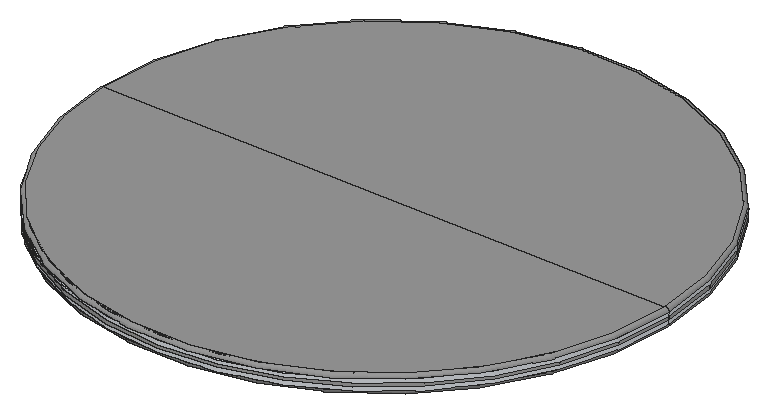
Revit family "Round-Table-Tops_Lamboo", category Casework, Revit 2026
Family settings
  Work Plane-Based = Yes
  Always vertical = Yes
  Cut with Voids When Loaded = Yes
  Shared = No
  Room Calculation Point = No
Parameters (values of type "VCP(150)-INT-3636")
  URL = "https://www.lamboo.us/"
  Type Comments = ""
  Thickness = 1.500"
  Specification = "https://www.arcat.com/company/lamboo-technologies-46687/spec"
  Product Documentation Link = "https://www.arcat.com/arcatcos/cos46/arc46687.html"
  Model = "Lamboo Table Tops"
  Manufacturer = "Lamboo® Technologies™"  # constant formula
  Keynote = "07 42 23"
  Height = 0.000"
  Depth = 0.000"
  Default Elevation = 0.000"
  Copyright = "© 2022 Lamboo® Technologies™"  # constant formula
Types (12): name | Thickness
  VCP(075)-INT-4848 | 0.750"
  VCP(100)-INT-4848 | 1.000"
  VCP(150)-INT-4848 | 1.500"
  VCP(075)-INT-2424 | 0.750"
  VCP(150)-INT-2424 | 1.500"
  VCP(100)-INT-2424 | 1.000"
  VCP(075)-INT-3030 | 0.750"
  VCP(100)-INT-3030 | 1.000"
  VCP(150)-INT-3030 | 1.500"
  VCP(075)-INT-3636 | 0.750"
  VCP(150)-INT-3636 | 1.500"
  VCP(100)-INT-3636 | 1.000"
Reference planes (in)
  plane 1 "Center (Front/Back)": y = 0
  plane 2: z = 0
  plane 3 "Center (Left/Right)": x = 0
  plane 4: x = 23.75
  plane 5: x = -23.75
  plane 6: z = 1.5
  plane 7: z = 0.75
Forms (in)
  Revolve 1, solid, material "Material 1"
    sketch origin (0, 0, 21.85376) x (1, 0, 0) y (0, 0, 1)
      loop
        line (0, -21.55376) -> (-23.75, -21.55376)
        arc (-23.75, -21.55376) -> (-23.66213, -21.7659) -> (-23.45, -21.85376) r 0.3
        line (-23.45, -21.85376) -> (0, -21.85376) -> (0, -21.55376)
      axis (0, -21.85376) -> (0, -21.55376)
    angle from 0 to 360
  Revolve 2, solid, material "Material 1"
    sketch origin (0, 0, -20.85376) x (1, 0, 0) y (0, 0, 1)
      loop
        line (0, 22.05376) -> (0, 22.35376) -> (-23.45, 22.35376)
        arc (-23.45, 22.35376) -> (-23.66213, 22.2659) -> (-23.75, 22.05376) r 0.3
        line (-23.75, 22.05376) -> (0, 22.05376)
      axis (0, 22.35376) -> (0, 22.05376)
    angle from 0 to 360
  Revolve 3, solid
    sketch origin (0, 0, 0) x (1, 0, 0) y (0, 0, 1)
      loop
        line (0, 1.2) -> (-23.75, 1.2) -> (-23.75, 0.3) -> (0, 0.3) -> (0, 1.2)
      axis (0, 1.2) -> (0, 0.3)
    angle from 0 to 360
  Revolve 4, solid, material "Material 1"
    sketch origin (0, 0, 0) x (1, 0, 0) y (0, 0, 1)
      loop
        line (-23.75, 0.875) -> (-23.75, 0.625) -> (0, 0.625) -> (0, 0.875) -> (-23.75, 0.875)
      axis (0, 0.625) -> (0, 0.875)
    angle from 0 to 360
Dimensions and locks (in)
  equal spacing: plane 5, plane 3 "Center (Left/Right)", plane 4
  plane 5 to plane 4 = 47.500"
  "Thickness": plane 6 to plane 2
  equal spacing: plane 6, plane 7, plane 2
  equal spacing: Revolve 4 sketch curve, plane 7, Revolve 4 sketch curve
  Revolve 4 sketch curve to Revolve 4 sketch curve = 0.250"
  aligned and locked: plane 2 to level
  aligned and locked: Revolve 1 sketch curve to plane 2
  aligned and locked: plane 3 "Center (Left/Right)" to Revolve 1 sketch curve
  aligned and locked: plane 3 "Center (Left/Right)" to Revolve 3 sketch curve
  aligned and locked: plane 5 to Revolve 3 sketch curve
  aligned and locked: Revolve 2 sketch curve to plane 6
  aligned and locked: Revolve 2 sketch curve to plane 3 "Center (Left/Right)"
  aligned and locked: Revolve 3 to Revolve 1
  aligned and locked: Revolve 3 sketch curve to Revolve 2
Automatic sketch dimensions
  plane 5 to Revolve 1 sketch curve = 0.000"
  Revolve 1 sketch curve to plane 3 "Center (Left/Right)" = 0.000"
  Revolve 1 sketch curve to Revolve 1 sketch curve = 0.250"
  plane 5 to Revolve 2 sketch curve = 0.000"
  Revolve 2 sketch curve to plane 3 "Center (Left/Right)" = 0.000"
  Revolve 2 sketch curve to level = 22.0395"
  Revolve 2 sketch curve to Revolve 2 sketch curve = 0.250"
  Revolve 3 sketch curve to plane 3 "Center (Left/Right)" = 0.000"
  Revolve 3 sketch curve to level = 0.750"
  plane 6 to Revolve 3 sketch curve = 0.750"
  Revolve 1 sketch curve to plane 5 = 0.300"
  Revolve 2 sketch curve to plane 5 = 0.300"
  level to Revolve 3 sketch curve = 0.300"
  plane 6 to Revolve 1 sketch curve = 21.5395"
  plane 5 to Revolve 4 sketch curve = 0.000"
  Revolve 4 sketch curve to plane 3 "Center (Left/Right)" = 0.000"  (x2)
  plane 6 to Revolve 4 sketch curve = 0.48861"
  Revolve 4 sketch curve to Revolve 4 sketch curve = 1.500"
